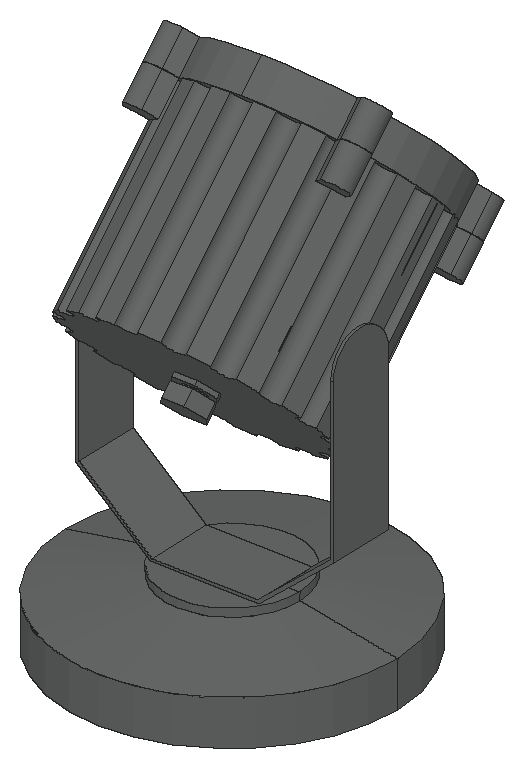
Revit family "FL-1", category Lighting Fixtures, host Face, Revit 2014
Parameters (values of type "Basic Black Textured")
  zz Angle 1 = if(Pivot Angle < 1.00°, 1.00°, if(Pivot Angle > 179.00°, 179.00°, Pivot Angle))  # 135.00°
  Wattage Comments = ""
  Wattage = 25 W
  Watt = 25 W
  built-in parameter 1150110 = 1 (stored number, unit not read)
  Voltage = "120-277V"
  Visor Option = FL-1 : FL-1
  URL = "https://www.hubbell.com/beacon/en/"
  built-in parameter 1114217 = 1 (stored number, unit not read)
  Tilt Angle = 0.00°  # constant formula
  built-in parameter 1150109 = 1 (stored number, unit not read)
  built-in parameter 1150134 = 3
  built-in parameter 1150113 = 1 (stored number, unit not read)
  Product Page URL = "https://www.hubbell.com/hubbelllightingci/en/Products/Lighting-Controls/Commercial-Outdoor-Lighting/Flood-Lighting/FL-1/p/249072"
  Product Material = Paint - Hubbell - Basic Black Textured
  Product Documentation Link = "https://hubbellcdn.com/specsheet/FL_1_spec_sheet.pdf"
  Pivot Angle = 135.00°
  Photometric Web File = "FL-1-12L-25-3K7-2X2.ies"
  Model = "FL-1"  # constant formula
  Manufacturer = "Beacon Lighting"  # constant formula
  built-in parameter 1150105 = -75124500 (stored number, unit not read)
  Lumens = 2750 lm
  built-in parameter 1150115 = 1 (stored number, unit not read)
  built-in parameter 1150137 = (empty or 0)
  built-in parameter 1150139 = (empty or 0)
  built-in parameter 1150112 = 1 (stored number, unit not read)
  built-in parameter 1150114 = 1 (stored number, unit not read)
  Lamp = "LED"
  built-in parameter 1150132 = (empty or 0)
  built-in parameter 1150102 = (empty or 0)
  built-in parameter 1150107 = 3200 (stored number, unit not read)
  built-in parameter 1150138 = (empty or 0)
  built-in parameter 1150106 = -751245 (stored number, unit not read)
  Glass = Hubbell - Glass
  built-in parameter 1150104 = 10.219 (stored number, unit not read)
  Dimming Lamp Color Temperature Shift = <None>
  Description = "FL-1 High Power Floodlight"  # constant formula
  Default Elevation = 48.00"
  Color Filter = 16777215
  built-in parameter 1114218 = 1 (stored number, unit not read)
  built-in parameter 1150133 = 10 (stored number, unit not read)
  Apparent Load = 0 VA
Types (13): name | Wattage | Watt | Product Material | built-in parameter 1150105 | Lumens | built-in parameter 1150106 | built-in parameter 1150104
  (no name) | 25 W | 25 W | Paint - Hubbell - Basic Black Textured | -75124500 (stored number, unit not read) | 2750 lm | -751245 (stored number, unit not read) | 10.219 (stored number, unit not read)
  Basic Black Textured | 25 W | 25 W | Paint - Hubbell - Basic Black Textured | -75124500 (stored number, unit not read) | 2750 lm | -751245 (stored number, unit not read) | 10.219 (stored number, unit not read)
  Gray Smooth | 9.2903 W | 30 W | Paint - Hubbell - Gray Smooth | 109.82 (stored number, unit not read) | 1380 lm | 1.0982 (stored number, unit not read) | 13.8 (stored number, unit not read)
  Black Matte Textured | 9.2903 W | 30 W | Paint - Hubbell - Black Matte Textured | 109.82 (stored number, unit not read) | 1380 lm | 1.0982 (stored number, unit not read) | 13.8 (stored number, unit not read)
  Bronze Textured | 9.2903 W | 30 W | Paint - Hubbell - Bronze Textured | 109.82 (stored number, unit not read) | 1380 lm | 1.0982 (stored number, unit not read) | 13.8 (stored number, unit not read)
  Dark Bronze Textured | 9.2903 W | 25 W | Paint - Hubbell - Dark Bronze Textured | 109.82 (stored number, unit not read) | 1380 lm | 1.0982 (stored number, unit not read) | 13.8 (stored number, unit not read)
  Dark Platinum Smooth | 9.2903 W | 30 W | Paint - Hubbell - Dark Platinum Smooth | 109.82 (stored number, unit not read) | 1380 lm | 1.0982 (stored number, unit not read) | 13.8 (stored number, unit not read)
  Green Textured | 9.2903 W | 30 W | Paint - Hubbell - Green Textured | 109.82 (stored number, unit not read) | 1380 lm | 1.0982 (stored number, unit not read) | 13.8 (stored number, unit not read)
  Metallic Bronze Textured | 9.2903 W | 30 W | Paint - Hubbell - Metallic Bronze Textured | 109.82 (stored number, unit not read) | 1380 lm | 1.0982 (stored number, unit not read) | 13.8 (stored number, unit not read)
  Metallic Silver Textured | 9.2903 W | 30 W | Paint - Hubbell - Metallic Silver Textured | 109.82 (stored number, unit not read) | 1380 lm | 1.0982 (stored number, unit not read) | 13.8 (stored number, unit not read)
  Metallic Titanium Textured | 9.2903 W | 30 W | Paint - Hubbell - Metallic Titanium Textured | 109.82 (stored number, unit not read) | 1380 lm | 1.0982 (stored number, unit not read) | 13.8 (stored number, unit not read)
  Old World Iron | 9.2903 W | 30 W | Paint - Hubbell - Old World Iron | 109.82 (stored number, unit not read) | 1380 lm | 1.0982 (stored number, unit not read) | 13.8 (stored number, unit not read)
  White Texture | 9.2903 W | 30 W | Paint - Hubbell - White Texture | 109.82 (stored number, unit not read) | 1380 lm | 1.0982 (stored number, unit not read) | 13.8 (stored number, unit not read)
Reference planes (in)
  plane 1 "Center (Front/Back)": y = 0
  plane 2: z = 0
  plane 3 "Center (Left/Right)": x = 0
  plane 4: x = -3.125
  plane 5: y = 0.75
  plane 6: x = 3.125
  plane 7: y = -0.75
  plane 8: z = 6.5125
  plane 9: x = -2.84375
  plane 10: x = 2.84375
  plane 11: z = 1.5625
Forms (in)
  Extrusion 1, solid, material "Paint - Hubbell - Basic Black Textured" <- "Product Material"
    sketch origin (0, 0, 0) x (1, 0, 0) y (0, 0, 1)
      loop
        line (-1.19329, 1.5625) -> (1.19329, 1.5625) -> (2.84375, 2.9474) -> (2.84375, 7.7925) -> (2.78375, 7.7925) -> (2.78375, 2.97538) -> (1.17145, 1.6225) -> (-1.17145, 1.6225) -> (-2.78375, 2.97538) -> (-2.78375, 7.7925) -> (-2.84375, 7.7925) -> (-2.84375, 2.9474) -> (-1.19329, 1.5625)
    from -0.75 to 0.75
  Extrusion 2, void
    sketch origin (0, 0, 0) x (0, 1, 0) y (0, 0, 1)
      loop
        line (0.75, 6.5125) -> (0.75, 7.99107) -> (-0.75, 7.99107) -> (-0.75, 6.5125)
        arc (-0.75, 6.5125) -> (0, 7.2625) -> (0.75, 6.5125) r 0.75
    from -3.125 to 3.125
  Revolve 3, solid, material "Paint - Hubbell - Basic Black Textured" <- "Product Material"
    sketch origin (0, 0, 0) x (1, 0, 0) y (0, 0, 1)
      loop
        line (0, 1.5625) -> (0, 0) -> (3.65625, 0) -> (3.65625, 1.00821)
        arc (3.65625, 1.00821) -> (2.58202, 1.22038) -> (1.5, 1.38842) r 26.75631
        line (1.5, 1.38842) -> (1.5, 1.5625) -> (0, 1.5625)
      axis (0, 1.5625) -> (0, 0)
    angle from 0 to 360
Cuts and joins
  Extrusion 2 cuts Extrusion 1
Dimensions and locks (in)
  locked: plane 6 to plane 4 at 6.25
  locked: plane 5 to plane 7 at 1.5
  equal spacing: plane 10, plane 3 "Center (Left/Right)", plane 9  (x2)
  locked: plane 11 to plane 2 at 1.5625
  locked: plane 8 to plane 11 at 4.95
  "zz Angle 1": angle plane 8 to nested 1
  aligned and locked: plane 2 to host face
  aligned and locked: level to host face
  aligned and locked: plane 5 to Extrusion 1
  aligned and locked: plane 7 to Extrusion 1
  aligned and locked: Extrusion 2 to plane 4
  aligned and locked: Extrusion 2 to plane 6
  aligned and locked: plane 8 to nested 1
  aligned and locked: cut or joined group of Extrusion 1, Extrusion 2 to Revolve 3 sketch curve
  aligned and locked: plane 3 "Center (Left/Right)" to Revolve 3 sketch curve
  aligned and locked: level to Revolve 3 sketch curve
  aligned and locked: plane 1 "Center (Front/Back)" to nested 1
Automatic sketch dimensions
  host sketch curve to host sketch curve = 96.00"  (x2)
  Extrusion 2 sketch curve to plane 7 = 0.00"  (x2)
  Extrusion 2 sketch curve to plane 1 "Center (Front/Back)" = 0.00"
  Extrusion 2 sketch curve to plane 8 = 0.00"  (x3)
  plane 8 to Extrusion 2 sketch curve = 1.47857"
  Extrusion 1 sketch curve to plane 9 = 0.00"
  level to Extrusion 1 sketch curve = 1.5625"
  Extrusion 1 sketch curve to plane 3 "Center (Left/Right)" = 1.19329"
  level to Extrusion 1 sketch curve = 2.9474"  (x2)
  plane 8 to Extrusion 1 sketch curve = 1.28"  (x2)
  plane 9 to Extrusion 1 sketch curve = 0.06"
  Extrusion 1 sketch curve to Extrusion 1 sketch curve = 0.06"
  Extrusion 1 sketch curve to Extrusion 1 sketch curve = 0.02184"  (x2)
  level to Extrusion 1 sketch curve = 1.6225"
  Extrusion 1 sketch curve to Extrusion 1 sketch curve = 0.02798"  (x2)
  plane 3 "Center (Left/Right)" to Extrusion 1 sketch curve = 1.17145"
  plane 10 to Extrusion 1 sketch curve = 0.00"
  Revolve 3 sketch curve to plane 3 "Center (Left/Right)" = 0.00"
  plane 9 to Revolve 3 sketch curve = 0.77958"
  plane 10 to Revolve 3 sketch curve = 1.34375"
  Revolve 3 sketch curve to plane 6 = 0.53125"
  Revolve 3 sketch curve to level = 0.6875"
  Revolve 3 sketch curve to Revolve 3 sketch curve = 24.44194"
  Revolve 3 sketch curve to plane 11 = 0.55429"
  Revolve 3 sketch curve to Revolve 3 sketch curve = 1.25"
Nested families (in)
  nested 1: "FL-1" at (-2.78375, 2.80374, 9.31624) x (0, -0.7071, 0.7071) z (1, 0, 0), type <- "Visor Option", type "FL-1"
Connectors (in)
  electrical at (-0.00125, -1.32115, 5.19135), driven by "Description"
    settings: on nested 1, index 1, voltage 0 V, apparent load 0 VA, apparent load phase1 0 VA, apparent load phase2 0 VA, apparent load phase3 0 VA, power factor 1, load classification "Other", number of poles 1, system type 30, power factor state 1, is connector primary yes, connector utility no, sub classification motor no, connector description "FL-1 High Power Floodlight"
Definition of nested family "FL-1"
  Parameters (values of type "FL-1")
    Wattage Comments = ""
    URL = ""
    Product Page URL = ""
    Product Material = Paint - Hubbell - Basic Black Textured
    Product Documentation Link = ""
    Model = ""
    Manufacturer Phone = ""
    Manufacturer Fax = ""
    Manufacturer = ""
    Lamp = ""
    Glass = Hubbell - Glass
    Description = ""
    Default Elevation = 48.00"
    Certifications = ""
    Apparent Load = 0 VA
  Reference planes (in)
    plane 1 "Center (Front/Back)": y = 0
    plane 2: z = 0
    plane 3 "Center (Left/Right)": x = 0
    plane 4: y = 5.3125
    plane 5: z = 5.5625
    plane 6: y = 0.8
    plane 7: through (-4.20851, -180, 6.99101) normal (0.7071, 0, 0.7071)
    plane 8: through (4.20851, -180, 6.99101) normal (0.7071, 0, -0.7071)
    plane 9: through (-4.20851, 181.6, 6.99101) normal (-0.7071, 0, -0.7071)
    plane 10: through (4.20851, 181.6, 6.99101) normal (-0.7071, 0, 0.7071)
  Forms (in)
    Extrusion 1, solid
      sketch origin (0, 0, 0) x (1, 0, 0) y (0, 1, 0)
        loop
          line (-48, 48) -> (-48, -48) -> (48, -48) -> (48, 48) -> (-48, 48)
      from 0 to -12
    Extrusion 2, solid, material "Paint - Hubbell - Basic Black Textured" <- "Product Material"
      sketch origin (0, 0, 0) x (1, 0, 0) y (0, 0, 1)
        loop
          arc (1.96046, 4.75354) -> (1.78695, 4.9121) -> (1.60067, 5.05544) r 2.78
          arc (1.60067, 5.05544) -> (1.265, 4.97354) -> (1.16809, 5.30519) r 0.25
          arc (1.16809, 5.30519) -> (0.95082, 5.39485) -> (0.72674, 5.46583) r 2.78
          arc (0.72674, 5.46583) -> (0.43933, 5.27406) -> (0.23484, 5.55256) r 0.25
          arc (0.23484, 5.55256) -> (0, 5.5625) -> (-0.23484, 5.55256) r 2.78
          arc (-0.23484, 5.55256) -> (-0.43933, 5.27406) -> (-0.72674, 5.46583) r 0.25
          arc (-0.72674, 5.46583) -> (-0.95082, 5.39485) -> (-1.16809, 5.30519) r 2.78
          arc (-1.16809, 5.30519) -> (-1.265, 4.97354) -> (-1.60067, 5.05544) r 0.25
          arc (-1.60067, 5.05544) -> (-1.78695, 4.9121) -> (-1.96046, 4.75354) r 2.78
          arc (-1.96046, 4.75354) -> (-1.93809, 4.40875) -> (-2.28153, 4.37091) r 0.25
          arc (-2.28153, 4.37091) -> (-2.40755, 4.1725) -> (-2.51636, 3.96416) r 2.78
          arc (-2.51636, 3.96416) -> (-2.37742, 3.64781) -> (-2.6872, 3.49479) r 0.25
          arc (-2.6872, 3.49479) -> (-2.73777, 3.26524) -> (-2.76876, 3.03225) r 2.78
          arc (-2.76876, 3.03225) -> (-2.53, 2.7825) -> (-2.76876, 2.53275) r 0.25
          arc (-2.76876, 2.53275) -> (-2.73777, 2.29976) -> (-2.6872, 2.07021) r 2.78
          arc (-2.6872, 2.07021) -> (-2.37742, 1.91719) -> (-2.51636, 1.60084) r 0.25
          arc (-2.51636, 1.60084) -> (-2.40755, 1.3925) -> (-2.28153, 1.19409) r 2.78
          arc (-2.28153, 1.19409) -> (-1.93809, 1.15625) -> (-1.96046, 0.81146) r 0.25
          arc (-1.96046, 0.81146) -> (-1.78695, 0.6529) -> (-1.60067, 0.50956) r 2.78
          arc (-1.60067, 0.50956) -> (-1.265, 0.59146) -> (-1.16809, 0.25981) r 0.25
          arc (-1.16809, 0.25981) -> (-0.95082, 0.17015) -> (-0.72674, 0.09917) r 2.78
          arc (-0.72674, 0.09917) -> (-0.43933, 0.29094) -> (-0.23484, 0.01244) r 0.25
          arc (-0.23484, 0.01244) -> (0, 0.0025) -> (0.23484, 0.01244) r 2.78
          arc (0.23484, 0.01244) -> (0.43933, 0.29094) -> (0.72674, 0.09917) r 0.25
          arc (0.72674, 0.09917) -> (0.95082, 0.17015) -> (1.16809, 0.25981) r 2.78
          arc (1.16809, 0.25981) -> (1.265, 0.59146) -> (1.60067, 0.50956) r 0.25
          arc (1.60067, 0.50956) -> (1.78695, 0.6529) -> (1.96046, 0.81146) r 2.78
          arc (1.96046, 0.81146) -> (1.93809, 1.15625) -> (2.28153, 1.19409) r 0.25
          arc (2.28153, 1.19409) -> (2.40755, 1.3925) -> (2.51636, 1.60084) r 2.78
          arc (2.51636, 1.60084) -> (2.37742, 1.91719) -> (2.6872, 2.07021) r 0.25
          arc (2.6872, 2.07021) -> (2.73777, 2.29976) -> (2.76876, 2.53275) r 2.78
          arc (2.76876, 2.53275) -> (2.53, 2.7825) -> (2.76876, 3.03225) r 0.25
          arc (2.76876, 3.03225) -> (2.73777, 3.26524) -> (2.6872, 3.49479) r 2.78
          arc (2.6872, 3.49479) -> (2.37742, 3.64781) -> (2.51636, 3.96416) r 0.25
          arc (2.51636, 3.96416) -> (2.40755, 4.1725) -> (2.28153, 4.37091) r 2.78
          arc (2.28153, 4.37091) -> (1.93809, 4.40875) -> (1.96046, 4.75354) r 0.25
      from -0.8 to -5.3125
    Extrusion 3, solid, material "Paint - Hubbell - Basic Black Textured" <- "Product Material"
      sketch origin (0, 1.6, 0) x (1, 0, 0) y (0, 0, -1)
        loop
          arc (-2.16641, -1.04035) -> (-1.96576, -0.81674) -> (-1.74215, -0.61609) r 2.78
          line (-1.74215, -0.61609) -> (-1.96576, -0.39248)
          arc (-1.96576, -0.39248) -> (-2.39002, -0.39248) -> (-2.39002, -0.81674) r 0.3
          line (-2.39002, -0.81674) -> (-2.16641, -1.04035)
        loop
          arc (-2.39002, -4.74826) -> (-2.39002, -5.17252) -> (-1.96576, -5.17252) r 0.3
          line (-1.96576, -5.17252) -> (-1.74215, -4.94891)
          arc (-1.74215, -4.94891) -> (-1.96576, -4.74826) -> (-2.16641, -4.52465) r 2.78
          line (-2.16641, -4.52465) -> (-2.39002, -4.74826)
        loop
          line (2.39002, -4.74826) -> (2.16641, -4.52465)
          arc (2.16641, -4.52465) -> (1.96576, -4.74826) -> (1.74215, -4.94891) r 2.78
          line (1.74215, -4.94891) -> (1.96576, -5.17252)
          arc (1.96576, -5.17252) -> (2.39002, -5.17252) -> (2.39002, -4.74826) r 0.3
        loop
          arc (2.39002, -0.81674) -> (2.39002, -0.39248) -> (1.96576, -0.39248) r 0.3
          line (1.96576, -0.39248) -> (1.74215, -0.61609)
          arc (1.74215, -0.61609) -> (1.96576, -0.81674) -> (2.16641, -1.04035) r 2.78
          line (2.16641, -1.04035) -> (2.39002, -0.81674)
      from -0.8 to -1.6
    Extrusion 4, solid, material "Paint - Hubbell - Basic Black Textured" <- "Product Material"
      sketch origin (0, 1.6, 0) x (1, 0, 0) y (0, 0, -1)
        loop
          circle (0, -2.7825) r 2.78
        loop
          circle (0, -2.7825) r 2
      from -0.8 to -1.6
    Extrusion 5, solid, material "Paint - Hubbell - Basic Black Textured" <- "Product Material"
      sketch origin (0, 0, 0) x (1, 0, 0) y (0, 0, 1)
        loop
          line (-2.16641, 1.04035) -> (-2.39002, 0.81674)
          arc (-2.39002, 0.81674) -> (-2.39002, 0.39248) -> (-1.96576, 0.39248) r 0.3
          line (-1.96576, 0.39248) -> (-1.74215, 0.61609)
          arc (-1.74215, 0.61609) -> (-1.96576, 0.81674) -> (-2.16641, 1.04035) r 2.78
        loop
          line (-2.39002, 4.74826) -> (-2.16641, 4.52465)
          arc (-2.16641, 4.52465) -> (-1.96576, 4.74826) -> (-1.74215, 4.94891) r 2.78
          line (-1.74215, 4.94891) -> (-1.96576, 5.17252)
          arc (-1.96576, 5.17252) -> (-2.39002, 5.17252) -> (-2.39002, 4.74826) r 0.3
        loop
          arc (2.39002, 4.74826) -> (2.39002, 5.17252) -> (1.96576, 5.17252) r 0.3
          line (1.96576, 5.17252) -> (1.74215, 4.94891)
          arc (1.74215, 4.94891) -> (1.96576, 4.74826) -> (2.16641, 4.52465) r 2.78
          line (2.16641, 4.52465) -> (2.39002, 4.74826)
        loop
          line (2.39002, 0.81674) -> (2.16641, 1.04035)
          arc (2.16641, 1.04035) -> (1.96576, 0.81674) -> (1.74215, 0.61609) r 2.78
          line (1.74215, 0.61609) -> (1.96576, 0.39248)
          arc (1.96576, 0.39248) -> (2.39002, 0.39248) -> (2.39002, 0.81674) r 0.3
      from -0.8 to -1.6
    Extrusion 6, solid, material "Hubbell - Glass" <- "Glass"
      sketch origin (0, 0, 0) x (1, 0, 0) y (0, 0, 1)
        loop
          circle (0, 2.7825) r 2
      from -0.41162 to 0
    Extrusion 7, solid, material "Paint - Hubbell - Basic Black Textured" <- "Product Material"
      sketch origin (0, 0, 0) x (1, 0, 0) y (0, 1, 0)
        loop
          circle (0, 3.96509) r 0.25
      from 0 to 5.5625
    Extrusion 8, solid, material "Paint - Hubbell - Basic Black Textured" <- "Product Material"
      sketch origin (0, 0, 0) x (1, 0, 0) y (0, 0, 1)
        loop
          line (0, 3.2825) -> (-0.43301, 3.0325) -> (-0.43301, 2.5325) -> (0, 2.2825) -> (0.43301, 2.5325) -> (0.43301, 3.0325) -> (0, 3.2825)
      from -5.42195 to -5.3125
    Extrusion 9, solid, material "Paint - Hubbell - Basic Black Textured" <- "Product Material"
      sketch origin (0, 10.911, 0) x (1, 0, 0) y (0, 0, -1)
        loop
          line (0, -3.2825) -> (0.43301, -3.0325) -> (0.43301, -2.5325) -> (0, -2.2825) -> (-0.43301, -2.5325) -> (-0.43301, -3.0325) -> (0, -3.2825)
      from -5.42195 to -5.07753
    Extrusion 10, solid, material "Paint - Hubbell - Basic Black Textured" <- "Product Material"
      sketch origin (0, 0, 0) x (1, 0, 0) y (0, 0, 1)
        loop
          circle (0, 2.7825) r 0.25
      from -5.48905 to -5.42195
  Cuts and joins
    joined: Extrusion 2, Extrusion 5, Extrusion 7
    joined: Extrusion 3, Extrusion 4
  Lines and regions (in)
    reference lines
      curve 1: line (0, 3.96509, 0) -> (0, -0.78491, 0)
      curve 2: line (-4.35379, 3.96509, 0) -> (4.89621, 3.96509, 0)
  Dimensions and locks (in)
    plane 5 to plane 2 = 5.5625"
    plane 1 "Center (Front/Back)" to plane 4 = 5.3125"
    locked: plane 1 "Center (Front/Back)" to plane 6 at 0.8
    angle plane 3 "Center (Left/Right)" to plane 7 = 45.00°
    aligned and locked: plane 2 to Extrusion 1
    aligned and locked: level to Extrusion 1
    aligned and locked: Extrusion 2 to plane 4
    aligned and locked: plane 6 to Extrusion 2
    aligned and locked: plane 1 "Center (Front/Back)" to Extrusion 3
    aligned and locked: Extrusion 3 to Extrusion 2
    aligned and locked: plane 1 "Center (Front/Back)" to Extrusion 4
    aligned and locked: Extrusion 4 to Extrusion 2
    aligned and locked: plane 1 "Center (Front/Back)" to Extrusion 6
    aligned and locked: Extrusion 7 to plane 5
    aligned and locked: plane 4 to Extrusion 8
    aligned and locked: Extrusion 10 to Extrusion 8
